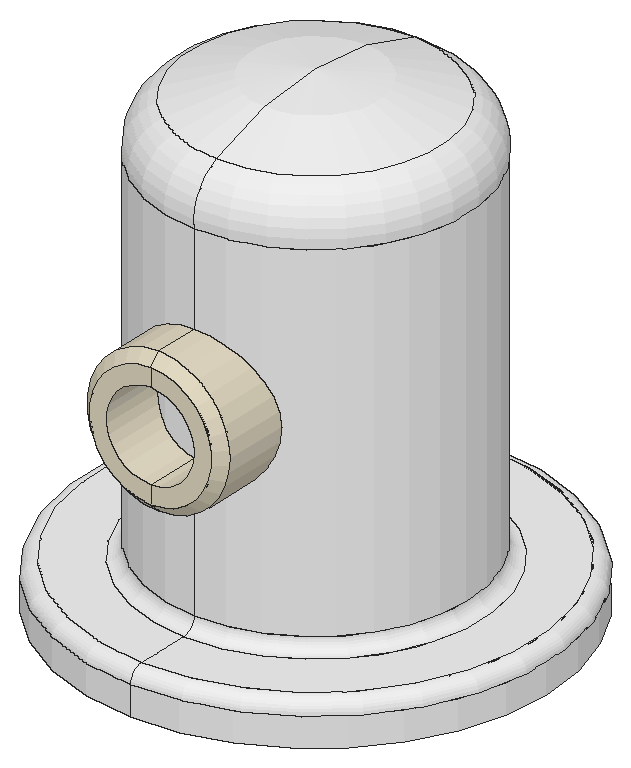
Revit family "Rough_In_Valve-GROHE-28672000", category Plumbing Fixtures, host Face, Revit 2014
Parameters (values of type "28672000")
  Width = 2 5/8"
  Waste Connection = no
  Warranty Information = "Limited Lifetime Warranty"
  WFU = 4
  Vent Connection = no
  URL = "http://www.grohe.com/"
  Type Comments = ""
  Shipping Weight = 0.310 lbf
  Product Page URL = "http://www.grohe.com/ca-en/5750/search/search-result/product-details/?product=28672-G091&color=000&material=28672000"
  Price = "Prices may vary. Please consult Manufacturer Representative for most up-to-date price list."  # constant formula
  Model = "28672000"
  Material = "Brass-Grohe-000-Starlight Chrome"
  Manufacturer = "GROHE"
  Length = 2 5/8"
  Installation Type = "Wall Mounted"
  Height = 2 3/4"
  HWFU = 3
  HW Connection = yes
  Finish = Brass-Grohe-000-Starlight Chrome
  Description = "Relexa Shower Outlet Elbow."
  Default Elevation = 68"
  Creation Date = "11/9/2016"
  Connection Diameter = 1/2"
  CWFU = 2
  CW Connection = yes
  Assembly Code = "D2020"
Reference planes (in)
  plane 1 "Center (Front/Back)": y = 0
  plane 2: z = 0
  plane 3 "Center (Left/Right)": x = 0
  plane 4: y = -1.32283
  plane 5: y = 1.32283
  plane 6: z = 1.37795
  plane 7: z = 1.62795
  plane 8: z = 2.75
Forms (in)
  Revolve 1, solid, material "Brass-Grohe-000-Starlight Chrome"
    sketch origin (0, 0, 0) x (0, 1, 0) y (0, 0, 1)
      loop
        line (0, 2.74173) -> (0, 0) -> (1.32283, 0) -> (1.32283, 0.16535)
        arc (1.32283, 0.16535) -> (1.29977, 0.22103) -> (1.24409, 0.24409) r 0.07874
        line (1.24409, 0.24409) -> (0.94058, 0.24409)
        arc (0.94058, 0.24409) -> (0.88794, 0.2659) -> (0.86614, 0.31853) r 0.07444
        line (0.86614, 0.31853) -> (0.86614, 2.3011)
        arc (0.86614, 2.3011) -> (0.83765, 2.47332) -> (0.70951, 2.59185) r 0.26922
        arc (0.70951, 2.59185) -> (0.36259, 2.70385) -> (0, 2.74173) r 1.75433
      axis (0, 0) -> (0, 2.74173)
    angle from 0 to 360
  Revolve 2, solid, material "Brass-Grohe-EN0-Brushed Nickel"
    sketch origin (0, 0, 0) x (0, 1, 0) y (0, 0, 1)
      loop
        line (-1.18056, 1.62795) -> (-0.69472, 1.62795) -> (-0.69472, 1.7874) -> (-1.12205, 1.7874) -> (-1.18056, 1.72889) -> (-1.18056, 1.62795)
      axis (-0.69472, 1.37795) -> (-1.18056, 1.37795)
    angle from 0 to 360
Lines and regions (in)
  Masking region 1
    outline origin (0, 0, 0) x (1, 0, 0) y (0, 0, 1)
      loop
        line (-1.32283, 0) -> (1.32283, 0) -> (1.32283, 0.16499)
        arc (1.32283, 0.16499) -> (1.29941, 0.22154) -> (1.24287, 0.24496) r 0.07996
        line (1.24287, 0.24496) -> (0.93694, 0.24496)
        arc (0.93694, 0.24496) -> (0.88696, 0.26566) -> (0.86626, 0.31564) r 0.07068
        line (0.86626, 0.31564) -> (0.86626, 2.3011)
        arc (0.86626, 2.3011) -> (0.83873, 2.4728) -> (0.71102, 2.59084) r 0.26611
        arc (0.71102, 2.59084) -> (0.36324, 2.70275) -> (0, 2.74197) r 1.79595
        arc (0, 2.74197) -> (-0.36324, 2.70275) -> (-0.71102, 2.59084) r 1.79595
        arc (-0.71102, 2.59084) -> (-0.83873, 2.4728) -> (-0.86626, 2.3011) r 0.26611
        line (-0.86626, 2.3011) -> (-0.86626, 0.31564)
        arc (-0.86626, 0.31564) -> (-0.88696, 0.26566) -> (-0.93694, 0.24496) r 0.07068
        line (-0.93694, 0.24496) -> (-1.24287, 0.24496)
        arc (-1.24287, 0.24496) -> (-1.29941, 0.22154) -> (-1.32283, 0.16499) r 0.07996
        line (-1.32283, 0.16499) -> (-1.32283, 0)
  symbolic lines, detail levels fine
    curve 1: line (-0.86614, 0, 2.3011) -> (0.86614, 0, 2.3011)
  symbolic lines, detail levels medium+fine
    curve 2: line (-0.93694, 0, 0.24496) -> (0.93694, 0, 0.24496)
Dimensions and locks (in)
  plane 5 to plane 4 = 2.64567"
  plane 8 to host face = 2 3/4"
  aligned and locked: plane 2 to host face
  aligned and locked: level to host face
Connectors (in)
  piping at (0, -1.18056, 1.37795), diameter 0.5, driven by "Connection Diameter"
    settings: on Revolve 2, index 1, connector inside diameter 24", connector length 0", flow factor 0, pipe flow 0 GPM, pressure drop 0.00 psi, fitting loss kfactor 0, connector angle 0.00°, fixture units 0, engagement length 0", angle of deflection 0.00°, flow configuration 0, flow direction 2, fitting loss method 0, system type 29, joint type 0, gender type 0, connector reference index -1, connector utility 0, adjustable connector no, is connector primary yes, connector description "1/2\" NPT Female Thread Outlet Connection"
  piping at (0, 0, 0), diameter 0.5, driven by "Connection Diameter"
    settings: on Revolve 1, index 2, connector inside diameter 24", connector length 0", flow factor 0, pipe flow 0 GPM, pressure drop 0.00 psi, fitting loss kfactor 0, connector angle 0.00°, fixture units 0, engagement length 0", angle of deflection 0.00°, flow configuration 0, flow direction 1, fitting loss method 0, system type 29, joint type 0, gender type 0, connector reference index -1, connector utility 0, adjustable connector no, is connector primary no, connector description "1/2\" NPT Female Thread Inlet Connection"
